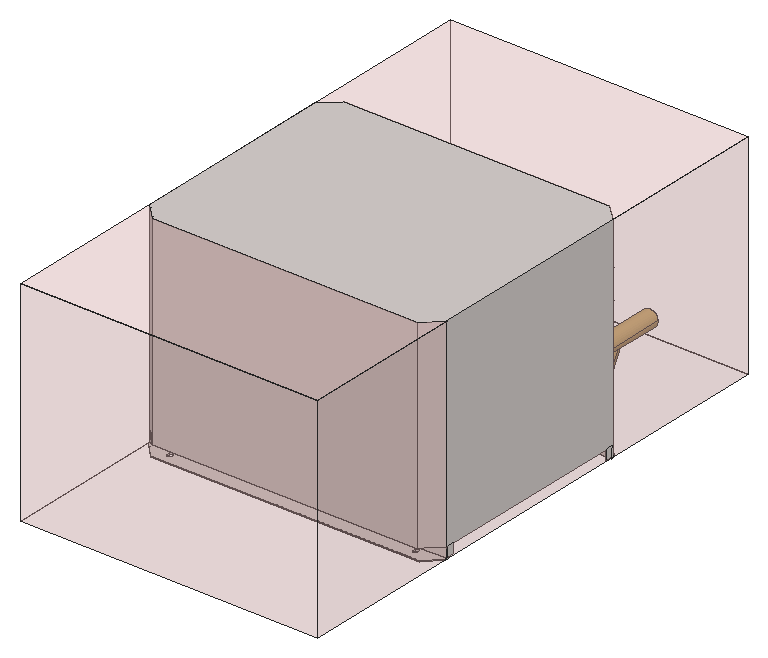
Revit family "CMH-WM500V-A", category Mechanical Equipment, Revit 2016
Family settings
  Part Type = Normal
  Round Connector Dimension = Use Radius
  OmniClass Number = 23.75.00.00
  OmniClass Title = Climate Control (HVAC)
  Work Plane-Based = No
  Always vertical = Yes
  Cut with Voids When Loaded = No
  Shared = No
  Room Calculation Point = No
Parameters (values of type "CMH-WM500V-A_220V_50Hz_To EM400")
  Water Pipe radius (Inlet) = 11.000 mm
  Water Pipe radius (To Indoor Unit) = 25.000 mm
  Water Pipe radius (From Indoor Unit) = 25.000 mm
  Water Pipe radius (EXP. Vessel) = 11.000 mm
  WarrantyStart = ""
  TagNumber = 0
  Sound Pressure Level (dB(A)) = 60
  SerialNumber = 0
  ReplacementYear = ""
  Model = "CMH-WM500V-A"
  Width = 920.000 mm
  Voltage = 220 V
  Unit Weight (kg) = 152
  URL = "http://www.mitsubishielectric.com/"
  Subcategory = "HVAC"
  Space View = yes
  Phase = 1
  Manufacturer = "Mitsubishi Electric Corporation"
  Liquid pipe_radius = 6.350 mm
  InstallationDate = ""
  Hertz = 50 Hz
  Height = 660.000 mm
  Heating Power Input (kW) = 1.06
  Heating Current (A) = 5.47
  Gas pipe_radius = 14.290 mm
  External Finish = "Pre-coated galvanized steel sheets"
  Equip_description = ""
  Equip_No. = 0
  Equip_ID = ""
  Description = "Hydro unit"
  Description = ""
  Depth = 740.000 mm
  CreatedOn = ""
  CreatedBy = ""
  Cooling Power Input (kW) = 1.06
  Cooling Current (A) = 5.47
  Connectable Outdoor/Heat source Unit = "PUHY-M400 to 500YNW-A1(-BS)/PUHY-EM400 to 500YNW-A1(-BS)"
  Category = ""
  Barcode = ""
  AssetIdentifier = ""
  Applicable temperature range of installation site = "-5 to 52"
Types (24, lengths in mm): name | Voltage | Liquid pipe_radius | Hertz | Heating Current (A) | Cooling Current (A)
  CMH-WM500V-A_220V_50Hz_To M400 | 220 V | 6.350 | 50 Hz | 5.47 | 5.47
  CMH-WM500V-A_220V_60Hz_To M400 | 220 V | 6.350 | 60 Hz | 5.47 | 5.47
  CMH-WM500V-A_230V_50Hz_To M400 | 230 V | 6.350 | 50 Hz | 5.23 | 5.23
  CMH-WM500V-A_230V_60Hz_To M400 | 230 V | 6.350 | 60 Hz | 5.23 | 5.23
  CMH-WM500V-A_240V_50Hz_To M400 | 240 V | 6.350 | 50 Hz | 5.02 | 5.02
  CMH-WM500V-A_240V_60Hz_To M400 | 240 V | 6.350 | 60 Hz | 5.02 | 5.02
  CMH-WM500V-A_220V_50Hz_To M450/500 | 220 V | 7.940 | 50 Hz | 5.47 | 5.47
  CMH-WM500V-A_220V_60Hz_To M450/500 | 220 V | 7.940 | 60 Hz | 5.47 | 5.47
  CMH-WM500V-A_230V_50Hz_To M450/500 | 230 V | 7.940 | 50 Hz | 5.23 | 5.23
  CMH-WM500V-A_230V_60Hz_To M450/500 | 230 V | 7.940 | 60 Hz | 5.23 | 5.23
  CMH-WM500V-A_240V_50Hz_To M450/500 | 240 V | 7.940 | 50 Hz | 5.02 | 5.02
  CMH-WM500V-A_240V_60Hz_To M450/500 | 240 V | 7.940 | 60 Hz | 5.02 | 5.02
  CMH-WM500V-A_220V_50Hz_To EM400 | 220 V | 6.350 | 50 Hz | 5.47 | 5.47
  CMH-WM500V-A_220V_60Hz_To EM400 | 220 V | 6.350 | 60 Hz | 5.47 | 5.47
  CMH-WM500V-A_230V_50Hz_To EM400 | 230 V | 6.350 | 50 Hz | 5.23 | 5.23
  CMH-WM500V-A_230V_60Hz_To EM400 | 230 V | 6.350 | 60 Hz | 5.23 | 5.23
  CMH-WM500V-A_240V_50Hz_To EM400 | 240 V | 6.350 | 50 Hz | 5.02 | 5.02
  CMH-WM500V-A_240V_60Hz_To EM400 | 240 V | 6.350 | 60 Hz | 5.02 | 5.02
  CMH-WM500V-A_220V_50Hz_To EM450/500 | 220 V | 7.940 | 50 Hz | 5.47 | 5.47
  CMH-WM500V-A_220V_60Hz_To EM450/500 | 220 V | 7.940 | 60 Hz | 5.47 | 5.47
  CMH-WM500V-A_230V_50Hz_To EM450/500 | 230 V | 7.940 | 50 Hz | 5.23 | 5.23
  CMH-WM500V-A_230V_60Hz_To EM450/500 | 230 V | 7.940 | 60 Hz | 5.23 | 5.23
  CMH-WM500V-A_240V_50Hz_To EM450/500 | 240 V | 7.940 | 50 Hz | 5.02 | 5.02
  CMH-WM500V-A_240V_60Hz_To EM450/500 | 240 V | 7.940 | 60 Hz | 5.02 | 5.02
Reference planes
  plane 1 "Center (Front/Back)": y = 0
  plane 2: z = 0
  plane 3 "Center (Left/Right)": x = 0
  plane 4 "11": through (-415, 370, 1200) normal (0.7071, -0.7071, 0)
  plane 5 "22": through (-415, -370, 1200) normal (-0.7071, -0.7071, 0)
  plane 6 "44": through (460, 325, 1200) normal (-0.7071, -0.7071, 0)
  plane 7 "33": through (460, -325, 1200) normal (0.7071, -0.7071, 0)
  plane 8: y = 370
  plane 9: y = -370
  plane 10: x = -460
  plane 11: x = 460
  plane 12: z = 660
  plane 13: x = -325
  plane 14: x = -243
  plane 15: y = -210
  plane 16: z = 170
  plane 17: z = 223
  plane 18: y = 453
  plane 19: y = 462
  plane 20: x = 310
  plane 21: x = 160
  plane 22: z = 190
  plane 23: z = 310
  plane 24: z = 400
  plane 25: z = 518
  plane 26: y = 497
  plane 27: y = 651
  plane 28: y = 498
Forms (mm)
  Extrusion 1, solid, material "Paint_5Y 8/1"
    sketch origin (0, 0, 53) x (-1, 0, 0) y (0, -1, 0)
      loop
        line (410, -370) -> (460, -320) -> (460, 320) -> (410, 370) -> (-410, 370) -> (-460, 320) -> (-460, -320) -> (-410, -370) -> (410, -370)
    from -18 to 607
  Extrusion 2, solid
    sketch origin (0, 0, 0) x (1, 0, 0) y (0, 1, 0)
      loop
        circle (-325, -210) r 6.35
    from 223 to 273
  Extrusion 3, solid
    sketch origin (0, 0, 0) x (1, 0, 0) y (0, 1, 0)
      loop
        circle (-243, -210) r 14.29
    from 170 to 220
  Extrusion 4, solid, material "Brass"
    sketch origin (-410, 370, 53) x (1, 0, 0) y (0, 0, -1)
      loop
        circle (720, -137) r 25
    from 83 to 281
  Extrusion 5, solid, material "Copper"
    sketch origin (-410, 370, 53) x (1, 0, 0) y (0, 0, -1)
      loop
        circle (720, -257) r 11
      loop
        circle (720, -347) r 11
    from 0 to 127
  Extrusion 6, solid, material "Plated steel"
    sketch origin (-410, 370, 53) x (1, 0, 0) y (0, 0, -1)
      loop
        circle (570, -465) r 25
    from 0 to 83
  SweptBlend 7, solid, material "Brass"
    path origin (0, 0, 0) x (0, 1, 0) y (0, 0, 1)
      loop
        line (516.164, 190) -> (468.611, 124.549)
    profile origin (0, 516.164, 190) x (0, 0.809017, -0.587785) y (1, 0, 0)
      loop
        circle (0.065, 310) r 17.5
    end profile origin (0, 468.611, 124.549) x (0, 0.809017, -0.587785) y (1, 0, 0)
      loop
        circle (11.829, 310) r 17.5
  Extrusion 8, solid, material "Plated steel"
    sketch origin (-410, 370, 53) x (1, 0, 0) y (0, 0, -1)
      loop
        circle (720, -137) r 25
    from 0 to 83
  Extrusion 9, solid, material "Service space", visible <- "Space View"
    sketch origin (0, 0, 0) x (1, 0, 0) y (0, 1, 0)
      loop
        line (-460, 845) -> (-460, -820) -> (460, -820) -> (460, 845) -> (-460, 845)
    from 0 to 660
Lines and regions (mm)
  model lines, not visible
    curve 1: line (487.5, -370, 703) -> (492.5, -370, 703)
    curve 2: line (477.5, -370, 363) -> (477.5, -370, 693)
    curve 3: line (492.5, -370, 353) -> (487.5, -370, 353)
    curve 4: line (502.5, -370, 693) -> (502.5, -370, 363)
    curve 5: arc (487.5, -370, 703) -> (480.429, -370, 700.071) -> (477.5, -370, 693) r 10
    curve 6: arc (492.5, -370, 703) -> (499.571, -370, 700.071) -> (502.5, -370, 693) r 10
    curve 7: arc (502.5, -370, 363) -> (499.571, -370, 355.929) -> (492.5, -370, 353) r 10
    curve 8: arc (477.5, -370, 363) -> (480.429, -370, 355.929) -> (487.5, -370, 353) r 10
  model lines
    curve 9: line (460, -237.5, 660) -> (460, -237.5, 35)
    curve 10: line (460, 236.5, 660) -> (460, 236.5, 35)
    curve 11: line (-200, 190, 660) -> (200, 190, 660)
    curve 12: line (-200, 170, 660) -> (200, 170, 660)
    curve 13: arc (-200, 190, 660) -> (-207.071, 187.071, 660) -> (-210, 180, 660) r 10
    curve 14: arc (-210, 180, 660) -> (-207.071, 172.929, 660) -> (-200, 170, 660) r 10
    curve 15: arc (200, 190, 660) -> (207.071, 187.071, 660) -> (210, 180, 660) r 10
    curve 16: arc (200, 170, 660) -> (207.071, 172.929, 660) -> (210, 180, 660) r 10
    curve 17: line (-200, 100, 660) -> (200, 100, 660)
    curve 18: line (-200, 80, 660) -> (200, 80, 660)
    curve 19: arc (-200, 100, 660) -> (-207.071, 97.071, 660) -> (-210, 90, 660) r 10
    curve 20: arc (-210, 90, 660) -> (-207.071, 82.929, 660) -> (-200, 80, 660) r 10
    curve 21: arc (200, 100, 660) -> (207.071, 97.071, 660) -> (210, 90, 660) r 10
    curve 22: arc (200, 80, 660) -> (207.071, 82.929, 660) -> (210, 90, 660) r 10
    curve 23: line (-200, 10, 660) -> (200, 10, 660)
    curve 24: line (-200, -10, 660) -> (200, -10, 660)
    curve 25: arc (-200, 10, 660) -> (-207.071, 7.071, 660) -> (-210, 0, 660) r 10
    curve 26: arc (-210, 0, 660) -> (-207.071, -7.071, 660) -> (-200, -10, 660) r 10
    curve 27: arc (200, 10, 660) -> (207.071, 7.071, 660) -> (210, 0, 660) r 10
    curve 28: arc (200, -10, 660) -> (207.071, -7.071, 660) -> (210, 0, 660) r 10
    curve 29: line (-200, -80, 660) -> (200, -80, 660)
    curve 30: line (-200, -100, 660) -> (200, -100, 660)
    curve 31: arc (-200, -80, 660) -> (-207.071, -82.929, 660) -> (-210, -90, 660) r 10
    curve 32: arc (-210, -90, 660) -> (-207.071, -97.071, 660) -> (-200, -100, 660) r 10
    curve 33: arc (200, -80, 660) -> (207.071, -82.929, 660) -> (210, -90, 660) r 10
    curve 34: arc (200, -100, 660) -> (207.071, -97.071, 660) -> (210, -90, 660) r 10
    curve 35: line (-200, -170, 660) -> (200, -170, 660)
    curve 36: line (-200, -190, 660) -> (200, -190, 660)
    curve 37: arc (-200, -170, 660) -> (-207.071, -172.929, 660) -> (-210, -180, 660) r 10
    curve 38: arc (-210, -180, 660) -> (-207.071, -187.071, 660) -> (-200, -190, 660) r 10
    curve 39: arc (200, -170, 660) -> (207.071, -172.929, 660) -> (210, -180, 660) r 10
    curve 40: arc (200, -190, 660) -> (207.071, -187.071, 660) -> (210, -180, 660) r 10
    curve 41: line (-355, -176, 35) -> (-205, -176, 35)
    curve 42: line (-355, -270, 35) -> (-355, -176, 35)
    curve 43: line (-205, -270, 35) -> (-355, -270, 35)
    curve 44: line (-205, -176, 35) -> (-205, -270, 35)
    curve 45: circle (-170, -250, 35) r 17.5 normal (0, 0, 1)
    curve 46: circle (-115, -250, 35) r 14 normal (0, 0, 1)
    curve 47: circle (-115, -195, 35) r 14 normal (0, 0, 1)
    curve 48: circle (-305, -370, 215) r 14 normal (0, -1, 0)
    curve 49: circle (-230, -370, 215) r 17.5 normal (0, -1, 0)
    curve 50: circle (-268, -370, 265) r 14 normal (0, -1, 0)
    curve 51: line (-358, -370, 96) -> (-210, -370, 96)
    curve 52: line (-358, -370, 180) -> (-358, -370, 96)
    curve 53: line (-210, -370, 180) -> (-358, -370, 180)
    curve 54: line (-210, -370, 96) -> (-210, -370, 180)
    curve 55: line (-410, -370, 330) -> (-190, -370, 330)
    curve 56: line (-190, -370, 330) -> (-190, -370, 35)
Dimensions and locks
  Extrusion 1 to Extrusion 1 = 920.000 mm
  nested 1 to nested 1 to nested 1 = 20.000 mm, 54.000 mm
  "Gas pipe_radius": radius of Extrusion 3 sketch curve
  "Liquid pipe_radius": radius of Extrusion 2 sketch curve
  "Water Pipe radius (To Indoor Unit)": radius of Extrusion 6 sketch curve
  "Water Pipe radius (From Indoor Unit)": radius of Extrusion 8 sketch curve
  "Water Pipe radius (EXP. Vessel)": radius of Extrusion 5 sketch curve
  "Water Pipe radius (Inlet)": radius of Extrusion 5 sketch curve
  aligned and locked: level to plane 2
Automatic sketch dimensions
  Extrusion 1 sketch curve to plane 11 = 0.000 mm
  Extrusion 1 sketch curve to plane 9 = 0.000 mm
  Extrusion 1 sketch curve to plane 8 = 0.000 mm
  Extrusion 1 sketch curve to plane 10 = 0.000 mm
  Extrusion 1 sketch curve to plane 11 = 50.000 mm  (x2)
  plane 10 to Extrusion 1 sketch curve = 50.000 mm  (x2)
  Extrusion 1 sketch curve to plane 8 = 50.000 mm  (x2)
  plane 9 to Extrusion 1 sketch curve = 50.000 mm  (x2)
  curve 56 to Extrusion 1 = 0.000 mm
  curve 55 to Extrusion 1 = 0.000 mm
  Extrusion 1 to curve 52 = 52.000 mm
  curve 48 to curve 52 = 53.000 mm
  curve 50 to curve 48 = 37.000 mm
  curve 49 to curve 50 = 38.000 mm
  curve 53 to curve 49 = 20.000 mm
  curve 55 to curve 50 = 78.000 mm
  Extrusion 1 to curve 54 = 61.000 mm
  curve 54 to curve 51 = 84.000 mm
  curve 48 to curve 52 = 35.000 mm
  curve 49 to curve 53 = 35.000 mm
  curve 50 to curve 48 = 50.000 mm
  curve 56 to curve 50 = 65.000 mm
  Extrusion 1 to curve 47 = 345.000 mm
  curve 46 to curve 47 = 0.000 mm
  curve 46 to curve 45 = 55.000 mm
  curve 45 to curve 43 = 35.000 mm
  Extrusion 1 to curve 42 = 105.000 mm
  Extrusion 1 to curve 41 = 194.000 mm
  curve 41 to curve 47 = 19.000 mm
  curve 47 to curve 45 = 55.000 mm
  curve 45 to curve 46 = 0.000 mm
  curve 45 to curve 44 = 20.000 mm
  Extrusion 1 to curve 10 = 0.000 mm
  curve 10 to Extrusion 1 = 0.000 mm
  curve 9 to Extrusion 1 = 0.000 mm
  Extrusion 1 to curve 9 = 0.000 mm
  curve 10 to Extrusion 1 = 83.500 mm
  Extrusion 1 to curve 9 = 82.500 mm
  curve 13 to curve 14 = 0.000 mm  (x2)
  curve 15 to curve 16 = 0.000 mm  (x2)
  curve 19 to curve 20 = 0.000 mm  (x2)
  curve 21 to curve 22 = 0.000 mm  (x2)
  curve 25 to curve 26 = 0.000 mm  (x2)
  curve 27 to curve 28 = 0.000 mm  (x2)
  curve 31 to curve 32 = 0.000 mm  (x2)
  curve 33 to curve 34 = 0.000 mm  (x2)
  curve 37 to curve 38 = 0.000 mm  (x2)
  curve 39 to curve 40 = 0.000 mm  (x2)
  curve 15 to Extrusion 1 = 260.000 mm
  curve 40 to Extrusion 1 = 260.000 mm
  curve 34 to curve 35 = 0.000 mm
  curve 17 to curve 12 = 0.000 mm
  curve 28 to curve 18 = 0.000 mm
  curve 11 to Extrusion 1 = 260.000 mm
  curve 26 to curve 12 = 0.000 mm
  curve 20 to curve 12 = 0.000 mm
  curve 29 to curve 24 = 0.000 mm
  curve 38 to curve 30 = 0.000 mm
  curve 11 to Extrusion 1 = 180.000 mm
  curve 11 to curve 16 = 10.000 mm
  curve 12 to curve 17 = 70.000 mm
  curve 17 to curve 22 = 10.000 mm
  curve 18 to curve 23 = 70.000 mm
  curve 23 to curve 26 = 10.000 mm
  curve 24 to curve 29 = 70.000 mm
  curve 29 to curve 34 = 10.000 mm
  curve 30 to curve 35 = 70.000 mm
  curve 35 to curve 40 = 10.000 mm
  Extrusion 4 sketch curve to Extrusion 1 = 100.000 mm
  Extrusion 1 to Extrusion 4 sketch curve = 155.000 mm
  SweptBlend 7 sketch curve to plane 22 = 0.000 mm
  SweptBlend 7 sketch curve to plane 19 = 6.611 mm
  SweptBlend 7 sketch curve to plane 28 = 18.164 mm
  SweptBlend 7 sketch curve to plane 16 = 45.451 mm
  SweptBlend 7 sketch curve to profile plane = 0.065 mm
  plane 3 "Center (Left/Right)" to SweptBlend 7 sketch curve = 310.000 mm  (x2)
  SweptBlend 7 sketch curve to profile plane = 11.829 mm
  Extrusion 9 sketch curve to plane 10 = 0.000 mm
  Extrusion 9 sketch curve to plane 11 = 0.000 mm
  Extrusion 9 sketch curve to plane 9 = 450.000 mm
  Extrusion 9 sketch curve to plane 27 = 194.000 mm
  Extrusion 2 sketch curve to plane 13 = 0.000 mm
  Extrusion 2 sketch curve to plane 15 = 0.000 mm
  Extrusion 3 sketch curve to plane 14 = 0.000 mm
  Extrusion 3 sketch curve to plane 15 = 0.000 mm
  Extrusion 5 sketch curve to Extrusion 1 = 100.000 mm
  Extrusion 5 sketch curve to Extrusion 5 sketch curve = 0.000 mm
  Extrusion 1 to Extrusion 5 sketch curve = 260.000 mm
  Extrusion 5 sketch curve to Extrusion 5 sketch curve = 90.000 mm
  Extrusion 6 sketch curve to Extrusion 1 = 250.000 mm
  Extrusion 1 to Extrusion 6 sketch curve = 142.000 mm
  Extrusion 8 sketch curve to Extrusion 1 = 100.000 mm
  Extrusion 1 to Extrusion 8 sketch curve = 155.000 mm
  radius of curve 48 = 14.000 mm
  radius of curve 49 = 17.500 mm
  radius of curve 50 = 14.000 mm
  radius of curve 45 = 17.500 mm
  radius of curve 46 = 14.000 mm
  radius of curve 47 = 14.000 mm
  radius of Extrusion 4 sketch curve = 25.000 mm
  radius of SweptBlend 7 sketch curve = 17.500 mm  (x2)
Nested families
  nested 1: "BASE LEG" at (0, -352, 0), Width <- "Width", type "BASE LEG"
    with Width 920.000 mm
  nested 2: "BASE LEG" at (0, 352, 0) x (-1, 0, 0) z (0, 0, 1), Width <- "Width", type "BASE LEG"
    with Width 920.000 mm
Connectors
  piping at (-325, -210, 223), diameter 12.7, driven by "Liquid pipe_radius"
    settings: on Extrusion 2, index 5, connector inside diameter 609.6 mm, connector length 0.000 mm, flow factor 0, pipe flow 0.0 L/s, pressure drop 0.0 Pa, fitting loss kfactor 0, connector angle 0.00°, fixture units 0, engagement length 0.000 mm, angle of deflection 0.00°, flow configuration 0, flow direction 0, fitting loss method 0, system type 22, joint type 0, gender type 0, connector reference index -1, connector utility 0, adjustable connector no, is connector primary yes, connector description "Refrigerant service valve (Liquid)"
  piping at (-243, -210, 170), diameter 28.58, driven by "Gas pipe_radius"
    settings: on Extrusion 3, index 6, connector inside diameter 609.6 mm, connector length 0.000 mm, flow factor 0, pipe flow 0.0 L/s, pressure drop 0.0 Pa, fitting loss kfactor 0, connector angle 0.00°, fixture units 0, engagement length 0.000 mm, angle of deflection 0.00°, flow configuration 0, flow direction 0, fitting loss method 0, system type 22, joint type 0, gender type 0, connector reference index -1, connector utility 0, adjustable connector no, is connector primary no, connector description "Refrigerant service valve (gas)"
  electrical at (0, -370, 347.5), driven by "Phase", driven by "Voltage"
    settings: on Extrusion 1, index 7, voltage 220 V, apparent load 0 VA, apparent load phase1 0 VA, apparent load phase2 0 VA, apparent load phase3 0 VA, power factor 1, load classification "その他", number of poles 1, system type 30, power factor state 1, is connector primary yes, connector utility no, sub classification motor no, connector description ""
  piping at (160, 453, 518), diameter 50, driven by "Water Pipe radius (To Indoor Unit)"
    settings: on Extrusion 6, index 8, connector inside diameter 609.6 mm, connector length 0.000 mm, flow factor 0, pipe flow 0.0 L/s, pressure drop 0.0 Pa, fitting loss kfactor 0, connector angle 0.00°, fixture units 0, engagement length 0.000 mm, angle of deflection 0.00°, flow configuration 0, flow direction 2, fitting loss method 0, system type 22, joint type 0, gender type 0, connector reference index -1, connector utility 0, adjustable connector no, is connector primary no, connector description "Water Pipe radius (To Indoor Unit)"
  piping at (310, 497, 400), diameter 22, driven by "Water Pipe radius (EXP. Vessel)"
    settings: on Extrusion 5, index 9, connector inside diameter 609.6 mm, connector length 0.000 mm, flow factor 0, pipe flow 0.0 L/s, pressure drop 0.0 Pa, fitting loss kfactor 0, connector angle 0.00°, fixture units 0, engagement length 0.000 mm, angle of deflection 0.00°, flow configuration 0, flow direction 1, fitting loss method 0, system type 22, joint type 0, gender type 0, connector reference index -1, connector utility 0, adjustable connector no, is connector primary no, connector description "Water pipe (EXP. Vessel)"
  piping at (310, 497, 310), diameter 22, driven by "Water Pipe radius (Inlet)"
    settings: on Extrusion 5, index 10, connector inside diameter 609.6 mm, connector length 0.000 mm, flow factor 0, pipe flow 0.0 L/s, pressure drop 0.0 Pa, fitting loss kfactor 0, connector angle 0.00°, fixture units 0, engagement length 0.000 mm, angle of deflection 0.00°, flow configuration 0, flow direction 1, fitting loss method 0, system type 22, joint type 0, gender type 0, connector reference index -1, connector utility 0, adjustable connector no, is connector primary no, connector description "Water Pipe radius (Inlet)"
  piping at (310, 651, 190), diameter 50, driven by "Water Pipe radius (From Indoor Unit)"
    settings: on Extrusion 4, index 11, connector inside diameter 609.6 mm, connector length 0.000 mm, flow factor 0, pipe flow 0.0 L/s, pressure drop 0.0 Pa, fitting loss kfactor 0, connector angle 0.00°, fixture units 0, engagement length 0.000 mm, angle of deflection 0.00°, flow configuration 0, flow direction 1, fitting loss method 0, system type 22, joint type 0, gender type 0, connector reference index -1, connector utility 0, adjustable connector no, is connector primary no, connector description "Water Pipe radius (From Indoor Unit)"
Definition of nested family "BASE LEG"
  Parameters (values of type "BASE LEG")
    Width [instance] = 920.000 mm
  Reference planes
    plane 1 "中心(正面/背面)": y = 0
    plane 2: z = 0
    plane 3 "中心(左/右)": x = 0
    plane 4: x = 460
    plane 5: x = -460
    plane 6: x = -380
    plane 7: x = 380
    plane 8: y = -18
    plane 9: y = 39
    plane 10: y = 42
    plane 11: y = 27
    plane 12: x = 415
    plane 13: x = -415
    plane 14: y = 11.5
    plane 15: z = 35
  Forms (mm)
    Extrusion 1, solid
      sketch origin (0, 0, 0) x (0, 1, 0) y (0, 0, 1)
        loop
          line (-18, 0) -> (36, 0) -> (36, 32) -> (56, 32) -> (56, 35) -> (33, 35) -> (33, 3) -> (-18, 3) -> (-18, 0)
      from -460 to 460
    Extrusion 2, void
      sketch origin (0, 0, 0) x (1, 0, 0) y (0, 1, 0)
        loop
          line (415, -18) -> (460, -18) -> (460, 27) -> (415, -18)
        loop
          line (-415, -18) -> (-460, 27) -> (-460, -18) -> (-415, -18)
      from 0 to 250
    Extrusion 3, void
      sketch origin (0, 12.023, 0) x (1, 0, 0) y (0, 1, 0)
        loop
          arc (373, -2.971) -> (380, -9.971) -> (387, -2.971) r 7
          line (387, -2.971) -> (387, 3.023)
          arc (387, 3.023) -> (380, 10.023) -> (373, 3.023) r 7
          line (373, 3.023) -> (373, -2.971)
        loop
          line (-373, -2.971) -> (-373, 3.023)
          arc (-373, 3.023) -> (-380, 10.023) -> (-387, 3.023) r 7
          line (-387, 3.023) -> (-387, -2.971)
          arc (-387, -2.971) -> (-380, -9.971) -> (-373, -2.971) r 7
      from 0 to 250
    Extrusion 4, solid
      sketch origin (0, 0, -3) x (1, 0, 0) y (0, 0, 1)
        loop
          line (457, 8) -> (460, 8) -> (460, 35) -> (457, 35) -> (457, 8)
        loop
          line (-457, 8) -> (-457, 35) -> (-460, 35) -> (-460, 8) -> (-457, 8)
      from -36 to -56
    Extrusion 5, solid
      sketch origin (150, 352, 0) x (1, 0, 0) y (0, 1, 0)
        loop
          line (310, -319) -> (305, -319) -> (305, -320) -> (255, -370) -> (260, -370) -> (310, -320) -> (310, -319)
      from 3 to 35
    Extrusion 6, void
      sketch origin (410, -18, 0) x (0.707107, 0.707107, 0) y (0, 0, 1)
        loop
          line (70.711, 3) -> (-6.741, 39.767) -> (-6.741, 3) -> (70.711, 3)
      from -190.256 to 23.776
    Extrusion 7, solid
      sketch origin (-150, 352, 0) x (-1, 0, 0) y (0, -1, 0)
        loop
          line (310, 319) -> (310, 320) -> (260, 370) -> (255, 370) -> (305, 320) -> (305, 319) -> (310, 319)
      from 3 to 35
    Extrusion 8, void
      sketch origin (-410, -18, 0) x (0.707107, -0.707107, 0) y (0, 0, -1)
        loop
          line (-70.711, -3) -> (0, -35) -> (6.741, -35) -> (6.741, -3) -> (-70.711, -3)
      from -190.256 to 23.776
    Extrusion 9, void
      sketch origin (0, 33, 3) x (0, 0, -1) y (-1, 0, 0)
        loop
          arc (-0.969, 375) -> (-2.434, 378.536) -> (-5.969, 380) r 5
          line (-5.969, 380) -> (-20.969, 380)
          arc (-20.969, 380) -> (-24.505, 378.536) -> (-25.969, 375) r 5
          line (-25.969, 375) -> (-25.969, 325)
          arc (-25.969, 325) -> (-24.505, 321.464) -> (-20.969, 320) r 5
          line (-20.969, 320) -> (-5.969, 320)
          arc (-5.969, 320) -> (-2.434, 321.464) -> (-0.969, 325) r 5
          line (-0.969, 325) -> (-0.969, 375)
        loop
          arc (-0.969, -325) -> (-2.434, -321.464) -> (-5.969, -320) r 5
          line (-5.969, -320) -> (-20.969, -320)
          arc (-20.969, -320) -> (-24.505, -321.464) -> (-25.969, -325) r 5
          line (-25.969, -325) -> (-25.969, -375)
          arc (-25.969, -375) -> (-24.505, -378.536) -> (-20.969, -380) r 5
          line (-20.969, -380) -> (-5.969, -380)
          arc (-5.969, -380) -> (-2.434, -378.536) -> (-0.969, -375) r 5
          line (-0.969, -375) -> (-0.969, -325)
      from 0 to 250
  Cuts and joins
    Extrusion 2, Extrusion 3, Extrusion 9 cuts Extrusion 1
    Extrusion 9 cuts Extrusion 4
    joined: Extrusion 1, Extrusion 4
    Extrusion 8 cuts Extrusion 7
    Extrusion 6 cuts Extrusion 5
  Dimensions and locks
    "Width": plane 5 to plane 4
    equal spacing: plane 5, plane 3 "中心(左/右)", plane 4
    locked: plane 5 to plane 6 at 80
    locked: plane 7 to plane 4 at 80
    locked: plane 8 to plane 9 at 57
    locked: plane 9 to plane 10 at 3
    plane 8 to plane 11 = 45.000 mm
    locked: plane 12 to plane 4 at 45
    locked: plane 5 to plane 13 at 45
    equal spacing: Extrusion 3 sketch curve, plane 7, Extrusion 3 sketch curve
    equal spacing: Extrusion 3 sketch curve, plane 6, Extrusion 3 sketch curve
    locked: cut or joined group of Extrusion 1, Extrusion 2, Extrusion 3, Extrusion 4, Extrusion 9 to Extrusion 4 sketch curve at 3  (x2)
    locked: plane 8 to plane 14 at 29.5
    plane 8 to plane 10 = 60.000 mm
    cut or joined group of Extrusion 1, Extrusion 2, Extrusion 3, Extrusion 4, Extrusion 9 to cut or joined group of Extrusion 1, Extrusion 2, Extrusion 3, Extrusion 4, Extrusion 9 = 35.000 mm
    aligned and locked: level to plane 2
    aligned and locked: plane 8 to Extrusion 1 sketch curve
    aligned and locked: plane 4 to Extrusion 1
    aligned and locked: Extrusion 1 to plane 5
    aligned and locked: Extrusion 2 sketch curve to plane 4
    aligned and locked: Extrusion 2 sketch curve to plane 8
    aligned and locked: plane 11 to Extrusion 2 sketch curve
    aligned and locked: plane 12 to Extrusion 2 sketch curve
    aligned and locked: plane 4 to Extrusion 4 sketch curve
    aligned and locked: plane 5 to Extrusion 4 sketch curve
    aligned and locked: cut or joined group of Extrusion 7, Extrusion 8 to cut or joined group of Extrusion 1, Extrusion 2, Extrusion 3, Extrusion 4, Extrusion 9
  Automatic sketch dimensions
    Extrusion 3 sketch curve to plane 1 "中心(正面/背面)" = 9.052 mm  (x2)
    Extrusion 3 sketch curve to plane 7 = 7.000 mm
    Extrusion 3 sketch curve to plane 1 "中心(正面/背面)" = 15.046 mm  (x2)
    Extrusion 3 sketch curve to plane 6 = 7.000 mm
    Extrusion 2 sketch curve to plane 5 = 0.000 mm
    plane 8 to Extrusion 2 sketch curve = 0.000 mm
    Extrusion 2 sketch curve to plane 13 = 0.000 mm
    plane 11 to Extrusion 2 sketch curve = 0.000 mm
    plane 7 to Extrusion 5 sketch curve = 25.000 mm
    Extrusion 5 sketch curve to Extrusion 5 sketch curve = 5.000 mm  (x2)
    plane 7 to Extrusion 5 sketch curve = 75.000 mm
    plane 8 to Extrusion 5 sketch curve = 0.000 mm
    Extrusion 5 sketch curve to Extrusion 5 sketch curve = 50.000 mm
    Extrusion 5 sketch curve to Extrusion 5 sketch curve = 0.000 mm
    Extrusion 5 sketch curve to Extrusion 5 sketch curve = 1.000 mm
    Extrusion 6 sketch curve to Extrusion 5 = 0.000 mm  (x2)
    Extrusion 6 sketch curve to Extrusion 5 = 6.741 mm
    Extrusion 6 sketch curve to Extrusion 5 = 4.767 mm
    plane 6 to Extrusion 7 sketch curve = 25.000 mm
    Extrusion 7 sketch curve to Extrusion 7 sketch curve = 5.000 mm  (x2)
    Extrusion 7 sketch curve to Extrusion 7 sketch curve = 45.000 mm
    Extrusion 7 sketch curve to plane 8 = 0.000 mm
    Extrusion 7 sketch curve to Extrusion 7 sketch curve = 50.000 mm
    Extrusion 7 sketch curve to Extrusion 7 sketch curve = 0.000 mm
    Extrusion 7 sketch curve to Extrusion 7 sketch curve = 1.000 mm
    Extrusion 8 sketch curve to Extrusion 7 = 0.000 mm  (x2)
    Extrusion 7 to Extrusion 8 sketch curve = 0.000 mm  (x2)
    Extrusion 7 to Extrusion 8 sketch curve = 6.741 mm
    Extrusion 4 sketch curve to plane 15 = 3.000 mm  (x2)
    Extrusion 1 sketch curve to plane 15 = 0.000 mm
    Extrusion 1 sketch curve to level = 0.000 mm
    level to Extrusion 1 sketch curve = 3.000 mm
    plane 9 to Extrusion 1 sketch curve = 6.000 mm
    plane 9 to Extrusion 1 sketch curve = 3.000 mm
    Extrusion 1 sketch curve to plane 15 = 3.000 mm
    Extrusion 1 sketch curve to plane 10 = 14.000 mm
    level to Extrusion 4 sketch curve = 5.000 mm  (x2)
    Extrusion 9 sketch curve to Extrusion 1 = 6.031 mm  (x2)
    Extrusion 9 sketch curve to Extrusion 9 sketch curve = 5.000 mm  (x4)
    Extrusion 1 to Extrusion 9 sketch curve = 5.969 mm  (x4)
    Extrusion 1 to Extrusion 9 sketch curve = 0.969 mm  (x2)
    Extrusion 9 sketch curve to Extrusion 1 = 80.000 mm
    Extrusion 9 sketch curve to Extrusion 9 sketch curve = 50.000 mm  (x2)
    Extrusion 9 sketch curve to Extrusion 1 = 140.000 mm
